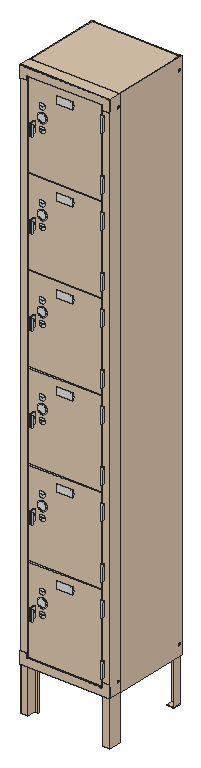
Revit family "Metal_Vented_Lockers-Salsbury_Industries-75000_76000_Series-1_Wide_Units", category Specialty Equipment, Revit 2023 (continued)
Definition of nested family "Metal Locker Legs"
  Forms (in)
    Extrusion 1, solid, material <- "Primary Structure Material", visible <- "Visible"
      sketch origin (0, 0, 0) x (0, -1, 0) y (1, 0, 0)
        loop
          line (7.417, 6.0035) -> (7.417, 5.9435) -> (8.945, 5.9435) -> (8.945, 5.0635) -> (7.76, 5.0635) -> (7.76, 4.5635) -> (7.82, 4.5635) -> (7.82, 5.0035) -> (9.005, 5.0035) -> (9.005, 6.0035) -> (7.417, 6.0035)
      from 0 to 6
    Extrusion 2, solid, material <- "Primary Structure Material", visible <- "Visible"
      sketch origin (0, 0, 0) x (0, -1, 0) y (1, 0, 0)
        loop
          line (7.417, -6.0035) -> (9.005, -6.0035) -> (9.005, -5.0035) -> (7.82, -5.0035) -> (7.82, -4.5635) -> (7.76, -4.5635) -> (7.76, -5.0635) -> (8.945, -5.0635) -> (8.945, -5.9435) -> (7.417, -5.9435) -> (7.417, -6.0035)
      from 0 to 6
    Extrusion 3, solid, material <- "Primary Structure Material", visible <- "Visible"
      sketch origin (0, 0, 0) x (0, -1, 0) y (1, 0, 0)
        loop
          line (-8.895, 5.8835) -> (-8.895, 4.8835) -> (-8.835, 4.8835) -> (-8.835, 5.8235) -> (-7.895, 5.8235) -> (-7.895, 5.8835) -> (-8.895, 5.8835)
      from 0.06 to 6.185
    Extrusion 4, solid, material <- "Primary Structure Material", visible <- "Visible"
      sketch origin (0, 0, 0) x (0, -1, 0) y (1, 0, 0)
        loop
          line (-8.895, 5.8835) -> (-8.895, 4.8835) -> (-7.895, 4.8835) -> (-7.895, 5.8835) -> (-8.895, 5.8835)
      from 0 to 0.06
    Extrusion 5, solid, material <- "Primary Structure Material", visible <- "Visible"
      sketch origin (0, 0, 0) x (0, -1, 0) y (1, 0, 0)
        loop
          line (-8.895, -5.8835) -> (-7.895, -5.8835) -> (-7.895, -5.8235) -> (-8.835, -5.8235) -> (-8.835, -4.8835) -> (-8.895, -4.8835) -> (-8.895, -5.8835)
      from 0.06 to 6.185
    Extrusion 6, solid, material <- "Primary Structure Material", visible <- "Visible"
      sketch origin (0, 0, 0) x (0, -1, 0) y (1, 0, 0)
        loop
          line (-8.895, -5.8835) -> (-7.895, -5.8835) -> (-7.895, -4.8835) -> (-8.895, -4.8835) -> (-8.895, -5.8835)
      from 0 to 0.06
  Dimensions and locks (in)
    equal spacing: plane 6 "Left Side of Unit", plane 3 "Center (Left/Right)", plane 7 "Right Side of Unit"
    "Width": plane 6 "Left Side of Unit" to plane 7 "Right Side of Unit"
    "Height": plane 5 "Bottom of Unit" to plane 4 "Floor"
    equal spacing: plane 9 "Front of Unit", plane 1 "Center (Front/Back)", plane 8 "Back of Unit"
    "Depth": plane 9 "Front of Unit" to plane 8 "Back of Unit"
    plane 12 "Top of back legs" to plane 5 "Bottom of Unit" = 0.185"
    plane 6 "Left Side of Unit" to plane 11 "Left Side of Door Opening" = 1.000"
    plane 10 "Right Side of Door Opening" to plane 7 "Right Side of Unit" = 1.000"
    locked: plane 9 "Front of Unit" to plane 13 "Back Edge of Front Facing" at 1.588
    plane 11 "Left Side of Door Opening" to plane 14 "Inside Edge of Front Leg" = 0.440"
    plane 15 "Inside Edge of Right Leg" to plane 10 "Right Side of Door Opening" = 0.440"
    plane 9 "Front of Unit" to plane 16 = 1.185"
    plane 15 "Inside Edge of Right Leg" to plane 21 "Inside Edge or Rear Right Leg" to plane 10 "Right Side of Door Opening" to plane 18 "Right Edge of Rear Right Leg" to plane 7 "Right Side of Unit" = 0.320", 0.120", 0.880", 0.120"
    plane 6 "Left Side of Unit" to plane 19 "Left Edge or Rear Left Leg" to plane 11 "Left Side of Door Opening" to plane 22 "Inside Edge or Left Rear Leg" to plane 14 "Inside Edge of Front Leg" = 0.120", 0.880", 0.120", 0.320"
    plane 20 to plane 17 "Back Edge of Rear Legs" to plane 8 "Back of Unit" = 1.000", 0.110"
    aligned and locked: level to plane 2
    aligned and locked: Extrusion 3 to Extrusion 4
    aligned and locked: Extrusion 6 to Extrusion 5
    aligned and locked: Extrusion 3 to plane 18 "Right Edge of Rear Right Leg"
    aligned and locked: Extrusion 3 to plane 17 "Back Edge of Rear Legs"
    aligned and locked: Extrusion 5 to plane 19 "Left Edge or Rear Left Leg"
    aligned and locked: Extrusion 5 to plane 17 "Back Edge of Rear Legs"
    aligned and locked: Extrusion 2 to plane 5 "Bottom of Unit"
    aligned and locked: Extrusion 1 to plane 5 "Bottom of Unit"
    aligned and locked: Extrusion 3 to plane 12 "Top of back legs"
    aligned and locked: Extrusion 5 to plane 12 "Top of back legs"
  Automatic sketch dimensions
    plane 13 "Back Edge of Front Facing" to Extrusion 1 sketch curve = 0.000"
    Extrusion 1 sketch curve to plane 15 "Inside Edge of Right Leg" = 0.000"
    plane 16 to Extrusion 1 sketch curve = 0.000"
    Extrusion 1 sketch curve to plane 7 "Right Side of Unit" = 0.000"
    plane 9 "Front of Unit" to Extrusion 1 sketch curve = 0.000"
    Extrusion 1 sketch curve to plane 10 "Right Side of Door Opening" = 0.000"
    Extrusion 1 sketch curve to plane 16 = 0.060"
    Extrusion 1 sketch curve to plane 9 "Front of Unit" = 0.060"
    Extrusion 1 sketch curve to plane 10 "Right Side of Door Opening" = 0.060"
    plane 7 "Right Side of Unit" to Extrusion 1 sketch curve = 0.060"
    plane 13 "Back Edge of Front Facing" to Extrusion 2 sketch curve = 0.000"
    Extrusion 2 sketch curve to plane 14 "Inside Edge of Front Leg" = 0.000"
    plane 16 to Extrusion 2 sketch curve = 0.000"
    Extrusion 2 sketch curve to plane 6 "Left Side of Unit" = 0.000"
    plane 9 "Front of Unit" to Extrusion 2 sketch curve = 0.000"
    Extrusion 2 sketch curve to plane 11 "Left Side of Door Opening" = 0.000"
    plane 16 to Extrusion 2 sketch curve = 0.060"
    plane 9 "Front of Unit" to Extrusion 2 sketch curve = 0.060"
    Extrusion 2 sketch curve to plane 11 "Left Side of Door Opening" = 0.060"
    plane 6 "Left Side of Unit" to Extrusion 2 sketch curve = 0.060"
    plane 17 "Back Edge of Rear Legs" to Extrusion 3 sketch curve = 0.000"
    Extrusion 3 sketch curve to plane 21 "Inside Edge or Rear Right Leg" = 0.000"
    Extrusion 3 sketch curve to plane 18 "Right Edge of Rear Right Leg" = 0.000"
    plane 20 to Extrusion 3 sketch curve = 0.000"
    plane 17 "Back Edge of Rear Legs" to Extrusion 3 sketch curve = 0.060"
    plane 18 "Right Edge of Rear Right Leg" to Extrusion 3 sketch curve = 0.060"
    plane 17 "Back Edge of Rear Legs" to Extrusion 4 sketch curve = 0.000"
    Extrusion 4 sketch curve to plane 18 "Right Edge of Rear Right Leg" = 0.000"
    plane 20 to Extrusion 4 sketch curve = 0.000"
    Extrusion 4 sketch curve to plane 21 "Inside Edge or Rear Right Leg" = 0.000"
    plane 17 "Back Edge of Rear Legs" to Extrusion 5 sketch curve = 0.000"
    Extrusion 5 sketch curve to plane 22 "Inside Edge or Left Rear Leg" = 0.000"
    Extrusion 5 sketch curve to plane 19 "Left Edge or Rear Left Leg" = 0.000"
    plane 20 to Extrusion 5 sketch curve = 0.000"
    Extrusion 5 sketch curve to plane 17 "Back Edge of Rear Legs" = 0.060"
    Extrusion 5 sketch curve to plane 19 "Left Edge or Rear Left Leg" = 0.060"
    plane 17 "Back Edge of Rear Legs" to Extrusion 6 sketch curve = 0.000"
    Extrusion 6 sketch curve to plane 19 "Left Edge or Rear Left Leg" = 0.000"
    plane 20 to Extrusion 6 sketch curve = 0.000"
    Extrusion 6 sketch curve to plane 22 "Inside Edge or Left Rear Leg" = 0.000"
Definition of nested family "Vented Metal Locker Doors-12 inch with Latch Hasps"
  Parameters (values of type "Four Tier Door - 6 foot")
    Width = 9.901"
    Visible = yes
    Vent Array Spacing = 1.187"
    Vent Array 2 = if(Height = 17.360", 10, if(Height = 14.360", 8, if(Height = 11.532", 6, if(Height = 11.463", 6, 0))))  # 10
    Vent Array 1 = Vent Array 2  # 10
    Primary Structure Material = none
    Louver Set Vertical Alignment = 5.710"
    Number Plate Alignment = 0.9375"
    Louver Width = 4.000"
    Hinge 2 Placement = 14.142"
    Hinge 1 Placement = 1.125"
    Height = 17.360"
    Hasp Plate Rivet Material = none
    Hasp Height = 1.438"
    First Vent Placement = 2.875"
    Depth = 0.900"
    Default Elevation = 0.000"
  Types (4): name | Vent Array 2 | Vent Array 1 | Louver Set Vertical Alignment | Hinge 2 Placement | Height | First Vent Placement
    Six Tier Door - 6 foot | 6 | 6 | 2.731" | 8.449" | 11.532" | 2.3925"
    Five Tier Door - 5 foot | 6 | 6 | 2.826" | 8.188" | 11.463" | 2.3925"
    Four Tier Door - 6 foot | 10 | 10 | 5.710" | 14.142" | 17.360" | 2.875"
    Four Tier Door - 5 foot | 8 | 8 | 4.240" | 11.142" | 14.360" | 2.625"
  Reference planes (in)
    plane 1 "Center (Front/Back)": y = 0
    plane 2 "Bottom of Door": z = 0
    plane 3 "Center (Left/Right)": x = 0
    plane 4 "Center (Top/Bottom)": z = 8.68
    plane 5 "Top of Door": z = 17.36
    plane 6 "Right Side of Door": x = 4.9505
    plane 7 "Left Side of Door": x = -4.9505
    plane 8 "Front of Door": y = -0.45
    plane 9 "Back of Door": y = 0.45
    plane 10 "Top of Number Plate": z = 16.4225
    plane 11 "Top of Hasp Alignment": z = 9.399
    plane 12 "Bottom of Hasp Alignment": z = 7.961
    plane 13 "Left Side of Louvers": x = -2
    plane 14 "Right Side of Louvers": x = 2
    plane 15 "Front of Louvers": y = -0.6375
    plane 16: x = -1.094
    plane 17: x = 1.094
    plane 18: z = 15.4225
    plane 19 "Center Hasp": x = -1.7755
    plane 20 "Top of Hinge 2": z = 3.218
    plane 21 "Top of Hinge 1": z = 16.235
    plane 22 "Left Hasp Hole Align": x = -4.263
    plane 23 "Right Hasp Hole Align": x = -4.013
    plane 24 "Center Hasp Stud Align": z = 10.09841
    plane 25 "Top Hasp Stud Align": z = 11.51682
    plane 26 "Vertical Hasp Stud Align": x = -3.076
    plane 27 "Vertical Center Hasp Align": x = -4.13777
    plane 28: z = 2.875
    plane 29: z = 3.46558
    plane 30: z = 4.062
    plane 31: z = 4.65258
  Forms (in)
    Extrusion 1, solid, material <- "Primary Structure Material", visible <- "Visible"
      sketch origin (0, 0, 0) x (1, 0, 0) y (0, 0, 1)
        loop
          line (-4.9505, 17.36) -> (-4.9505, 0) -> (4.9505, 0) -> (4.9505, 17.36) -> (-4.9505, 17.36)
      from -0.45 to 0.45
    Extrusion 2, solid, material <- "Hasp Plate Rivet Material", visible <- "Visible", detail levels medium+fine
      sketch origin (0, -0.45, 0) x (1, 0, 0) y (0, 0, 1)
        loop
          arc (-1.06847, 16.38695) -> (-1.10166, 15.92421) -> (-1.06847, 15.46147) r 3.2426
          arc (-1.06847, 15.46147) -> (0, 15.42272) -> (1.06847, 15.46147) r 14.75
          arc (1.06847, 15.46147) -> (1.10166, 15.92421) -> (1.06847, 16.38695) r 3.2426
          arc (1.06847, 16.38695) -> (0, 16.41487) -> (-1.06847, 16.38695) r 20.45441
      from 0 to 0.03497
    Extrusion 3, void
      sketch origin (-1.7755, -0.13281, 0.04687) x (0, 0, -1) y (0, -1, 0)
        loop
          circle (-8.35677, -0.16411) r 0.2
      from -0.163 to 0.163
    Extrusion 4, solid, material <- "Primary Structure Material", visible <- "Visible", detail levels medium+fine
      sketch origin (0, 0, 16.235) x (0, -1, 0) y (1, 0, 0)
        loop
          line (0.45, 4.9505) -> (0.575, 4.9505)
          arc (0.575, 4.9505) -> (0.7, 5.0755) -> (0.575, 5.2005) r 0.125
          line (0.575, 5.2005) -> (0.45, 5.2005) -> (0.45, 4.9505)
      from 0 to -2
    Extrusion 5, solid, material <- "Primary Structure Material", visible <- "Visible", detail levels medium+fine
      sketch origin (0, 0, 3.218) x (0, -1, 0) y (1, 0, 0)
        loop
          line (0.45, 4.9505) -> (0.575, 4.9505)
          arc (0.575, 4.9505) -> (0.7, 5.0755) -> (0.575, 5.2005) r 0.125
          line (0.575, 5.2005) -> (0.45, 5.2005) -> (0.45, 4.9505)
      from 0 to -2
    Extrusion 6, void
      sketch origin (0, -0.45, 0) x (1, 0, 0) y (0, 0, 1)
        loop
          line (-4.263, 9.399) -> (-4.263, 7.961) -> (-4.013, 7.961) -> (-4.013, 9.399) -> (-4.263, 9.399)
      from -0.9 to 0
    Blend 7, solid, material <- "Hasp Plate Rivet Material", visible <- "Visible", detail levels fine
      base sketch origin (0, -0.45, 0) x (1, 0, 0) y (0, 0, 1)
        loop
          circle (-3.076, 8.68) r 0.375
      top sketch origin (0, -0.45, 0) x (1, 0, 0) y (0, 0, 1)
        loop
          circle (-3.076, 8.68) r 0.09706
      from 0 to 0.03497
    Blend 8, solid, material <- "Hasp Plate Rivet Material", visible <- "Visible", detail levels fine
      base sketch origin (0, -0.45, 2.83682) x (1, 0, 0) y (0, 0, 1)
        loop
          circle (-3.076, 8.68) r 0.375
      top sketch origin (0, -0.45, 2.83682) x (1, 0, 0) y (0, 0, 1)
        loop
          circle (-3.076, 8.68) r 0.09706
      from 0 to 0.03497
    Blend 9, solid, material <- "Hasp Plate Rivet Material", visible <- "Visible", detail levels fine
      base sketch origin (0, -0.45, -0.16841) x (1, 0, 0) y (0, 0, 1)
        loop
          circle (-3.076, 10.26682) r 0.625
      top sketch origin (0, -0.45, -0.16841) x (1, 0, 0) y (0, 0, 1)
        loop
          circle (-3.076, 10.26682) r 0.58088
      from 0 to 0.03497
    Extrusion 10, solid, material <- "Hasp Plate Rivet Material", visible <- "Visible", detail levels fine
      sketch origin (0, 0, 7.961) x (0, -1, 0) y (1, 0, 0)
        loop
          line (-0.45, -4.07527) -> (-0.45, -4.13777) -> (1.2, -4.13777)
          arc (1.2, -4.13777) -> (1.24419, -4.11946) -> (1.2625, -4.07527) r 0.0625
          line (1.2625, -4.07527) -> (1.2625, -3.76277) -> (1.20579, -3.76277) -> (1.20579, -4.0127)
          arc (1.20579, -4.0127) -> (1.18746, -4.05694) -> (1.14322, -4.07527) r 0.06257
          line (1.14322, -4.07527) -> (-0.45, -4.07527)
      from 0 to 1.438
    Extrusion 11, solid, material <- "Hasp Plate Rivet Material", visible <- "Visible", detail levels fine
      sketch origin (0, 0, 7.961) x (0, -1, 0) y (1, 0, 0)
        loop
          line (-0.45, -4.20027) -> (1.2625, -4.20027) -> (1.2625, -4.13777) -> (-0.45, -4.13777) -> (-0.45, -4.20027)
      from 0 to 1.438
    Extrusion 12, void
      sketch origin (-4.013, 0, 0) x (0, 0, -1) y (0, -1, 0)
        loop
          circle (-8.68, 0.82219) r 0.375
      from 0 to 0.25
  Cuts and joins
    Extrusion 3, Extrusion 6 cuts Extrusion 1
    Extrusion 12 cuts Extrusion 10
    Extrusion 12 cuts Extrusion 11
  Lines and regions (in)
    symbolic lines
      curve 1: line (-4.20027, -0.44719, 7.961) -> (-4.20027, -1.2625, 7.961)
      curve 2: line (-4.20027, -1.2625, 7.961) -> (-4.13777, -1.2625, 7.961)
      curve 3: line (-4.13777, -1.2625, 7.961) -> (-4.13777, -0.45, 7.961)
      curve 4: line (-4.07527, -0.44719, 7.961) -> (-4.07527, -1.14322, 7.961)
      curve 5: line (-4.0127, -1.20579, 7.961) -> (-3.76277, -1.20579, 7.961)
      curve 6: line (-3.76277, -1.20579, 7.961) -> (-3.76277, -1.2625, 7.961)
      curve 7: line (-3.76277, -1.2625, 7.961) -> (-4.07527, -1.2625, 7.961)
      curve 8: arc (-4.07527, -1.14322, 7.961) -> (-4.05694, -1.18746, 7.961) -> (-4.0127, -1.20579, 7.961) r 0.06257
      curve 9: arc (-4.07527, -1.2625, 7.961) -> (-4.11946, -1.24419, 7.961) -> (-4.13777, -1.2, 7.961) r 0.0625
      curve 10: line (-4.013, -0.45, 9.40058) -> (-4.013, -1.26256, 9.40058)
      curve 11: line (-4.013, -1.26256, 9.40058) -> (-4.013, -1.26256, 7.9612)
      curve 12: line (-4.013, -1.26256, 7.9612) -> (-4.013, -0.45309, 7.9612)
      curve 13: line (-4.263, -0.45, 9.399) -> (-4.20027, -0.45, 9.399)
      curve 14: line (-4.263, -0.45, 7.961) -> (-4.263, -0.45, 9.399)
      curve 15: line (-4.20027, -0.45, 7.961) -> (-4.263, -0.45, 7.961)
      curve 16: line (-4.20027, -0.45, 9.399) -> (-4.20027, -0.45, 7.961)
      curve 17: line (-4.20027, -0.45, 9.399) -> (-3.76277, -0.45, 9.399)
      curve 18: line (-4.20027, -0.45, 7.961) -> (-3.76277, -0.45, 7.961)
      curve 19: line (-3.76277, -0.45, 9.399) -> (-3.76277, -0.45, 7.961)
      curve 20: circle (-3.076, -0.45, 11.51682) r 0.371 normal (0, -1, 0)
      curve 21: circle (-3.076, -0.45, 8.68) r 0.375 normal (0, -1, 0)
      curve 22: circle (-3.076, -0.45, 10.09841) r 0.62368 normal (0, -1, 0)
      curve 23: line (-4.9505, -0.45, 17.36) -> (4.9505, -0.45, 17.36)
      curve 24: line (-4.9505, -0.45, 0) -> (-4.9505, -0.45, 17.36)
      curve 25: line (4.9505, -0.45, 0) -> (-4.9505, -0.45, 0)
      curve 26: line (4.9505, -0.45, 17.36) -> (4.9505, -0.45, 0)
  Dimensions and locks (in)
    equal spacing: plane 5 "Top of Door", plane 4 "Center (Top/Bottom)", plane 2 "Bottom of Door"
    "Height": plane 5 "Top of Door" to plane 2 "Bottom of Door"
    equal spacing: plane 8 "Front of Door", plane 1 "Center (Front/Back)", plane 9 "Back of Door"
    "Depth": plane 8 "Front of Door" to plane 9 "Back of Door"
    equal spacing: plane 7 "Left Side of Door", plane 3 "Center (Left/Right)", plane 6 "Right Side of Door"
    "Width": plane 7 "Left Side of Door" to plane 6 "Right Side of Door"
    "Number Plate Alignment": plane 5 "Top of Door" to plane 10 "Top of Number Plate" to plane 18
    equal spacing: plane 13 "Left Side of Louvers", plane 3 "Center (Left/Right)", plane 14 "Right Side of Louvers"
    "Louver Width": plane 13 "Left Side of Louvers" to plane 14 "Right Side of Louvers"
    plane 25 "Top Hasp Stud Align" to plane 24 "Center Hasp Stud Align" to plane 11 "Top of Hasp Alignment" to plane 4 "Center (Top/Bottom)" to plane 12 "Bottom of Hasp Alignment" = 1.41841", 0.69941", 0.719", 0.719"
    "Hasp Height": plane 11 "Top of Hasp Alignment" to plane 12 "Bottom of Hasp Alignment"
    locked: plane 15 "Front of Louvers" to plane 8 "Front of Door" at 0.1875
    plane 16 to plane 3 "Center (Left/Right)" to plane 17 = 1.094" locked, 1.094" locked
    "Hinge 1 Placement": plane 5 "Top of Door" to plane 21 "Top of Hinge 1"
    "Hinge 2 Placement": plane 5 "Top of Door" to plane 20 "Top of Hinge 2"
    plane 7 "Left Side of Door" to plane 22 "Left Hasp Hole Align" to plane 23 "Right Hasp Hole Align" to plane 26 "Vertical Hasp Stud Align" = 0.6875" locked, 0.250" locked, 0.937" locked
    equal spacing: group 1, group 2, group 3, group 4, group 5, group 6, group 13, group 14, group 15, group 16  (x3)
    equal spacing: group 7, group 8, group 9, group 10, group 11, group 12, group 17, group 18, group 19, group 20  (x3)
    "Vent Array Spacing": plane 30 to plane 28
    "First Vent Placement": plane 28 to plane 2 "Bottom of Door"
    "Vent Array Spacing": plane 31 to plane 29
    locked: plane 29 to plane 28 at 0.59058
    aligned and locked: level to plane 2 "Bottom of Door"
    aligned and locked: plane 5 "Top of Door" to Extrusion 1 sketch curve
    aligned and locked: Extrusion 1 sketch curve to plane 7 "Left Side of Door"
    aligned and locked: plane 2 "Bottom of Door" to Extrusion 1 sketch curve
    aligned and locked: plane 6 "Right Side of Door" to Extrusion 1 sketch curve
    aligned and locked: plane 11 "Top of Hasp Alignment" to Extrusion 6 sketch curve
    aligned and locked: Extrusion 6 sketch curve to plane 22 "Left Hasp Hole Align"
    aligned and locked: Extrusion 6 sketch curve to plane 12 "Bottom of Hasp Alignment"
    aligned and locked: plane 23 "Right Hasp Hole Align" to Extrusion 6 sketch curve
    aligned and locked: plane 25 "Top Hasp Stud Align" to Blend 8 sketch curve  (x2)
    aligned and locked: plane 4 "Center (Top/Bottom)" to Blend 7 sketch curve  (x2)
    aligned and locked: plane 24 "Center Hasp Stud Align" to Blend 9 sketch curve  (x2)
    aligned and locked: plane 27 "Vertical Center Hasp Align" to Extrusion 11 sketch curve
    aligned and locked: plane 27 "Vertical Center Hasp Align" to Extrusion 10 sketch curve
    aligned and locked: plane 4 "Center (Top/Bottom)" to Extrusion 12 sketch curve
    aligned and locked: plane 3 "Center (Left/Right)" to nested 1
    aligned and locked: plane 28 to nested 2
    aligned and locked: plane 29 to nested 1
    aligned and locked: plane 30 to nested 3
    aligned and locked: plane 31 to nested 8
    aligned and locked: curve 1 to cut or joined group of Extrusion 11, Extrusion 12
    aligned and locked: curve 2 to cut or joined group of Extrusion 11, Extrusion 12
    aligned and locked: curve 3 to cut or joined group of Extrusion 11, Extrusion 12
    aligned and locked: cut or joined group of Extrusion 10, Extrusion 12 to curve 4
    aligned and locked: curve 5 to cut or joined group of Extrusion 10, Extrusion 12
    aligned and locked: curve 6 to cut or joined group of Extrusion 10, Extrusion 12
    aligned and locked: curve 7 to cut or joined group of Extrusion 10, Extrusion 12
    aligned and locked: curve 10 to nested 12  (x2)
    aligned and locked: curve 13 to cut or joined group of Extrusion 1, Extrusion 3, Extrusion 6
    aligned and locked: curve 14 to cut or joined group of Extrusion 1, Extrusion 3, Extrusion 6
    aligned and locked: cut or joined group of Extrusion 11, Extrusion 12 to curve 15
    aligned and locked: curve 16 to cut or joined group of Extrusion 11, Extrusion 12
    aligned and locked: curve 13 to curve 17
    aligned and locked: curve 19 to cut or joined group of Extrusion 10, Extrusion 12
    aligned and locked: curve 23 to cut or joined group of Extrusion 1, Extrusion 3, Extrusion 6
    aligned and locked: curve 25 to cut or joined group of Extrusion 1, Extrusion 3, Extrusion 6
    aligned and locked: curve 26 to cut or joined group of Extrusion 1, Extrusion 3, Extrusion 6
  Automatic sketch dimensions
    Extrusion 2 sketch curve to plane 3 "Center (Left/Right)" = 0.000"  (x2)
    plane 13 "Left Side of Louvers" to Extrusion 2 sketch curve = 0.14094"
    Extrusion 2 sketch curve to plane 14 "Right Side of Louvers" = 0.14094"
    Extrusion 2 sketch curve to level = 4.03954"
    plane 21 "Top of Hinge 1" to Extrusion 2 sketch curve = 0.31079"  (x2)
    Extrusion 2 sketch curve to plane 5 "Top of Door" = 12.81272"
    Extrusion 2 sketch curve to plane 16 = 0.02553"  (x2)
    plane 17 to Extrusion 2 sketch curve = 0.02553"
    Extrusion 2 sketch curve to plane 18 = 0.03897"
    Extrusion 3 sketch curve to plane 1 "Center (Front/Back)" = 0.0313"
    Extrusion 4 sketch curve to plane 6 "Right Side of Door" = 0.000"
    plane 8 "Front of Door" to Extrusion 4 sketch curve = 0.000"
    Extrusion 4 sketch curve to plane 15 "Front of Louvers" = 0.0625"
    Extrusion 4 sketch curve to plane 6 "Right Side of Door" = 0.125"
    Extrusion 5 sketch curve to plane 6 "Right Side of Door" = 0.000"
    plane 8 "Front of Door" to Extrusion 5 sketch curve = 0.000"
    Extrusion 5 sketch curve to plane 15 "Front of Louvers" = 0.0625"
    Extrusion 5 sketch curve to plane 6 "Right Side of Door" = 0.125"
    plane 26 "Vertical Hasp Stud Align" to Blend 7 sketch curve = 0.000"  (x2)
    plane 26 "Vertical Hasp Stud Align" to Blend 8 sketch curve = 0.000"  (x2)
    plane 26 "Vertical Hasp Stud Align" to Blend 9 sketch curve = 0.000"  (x2)
    Extrusion 10 sketch curve to plane 1 "Center (Front/Back)" = 0.450"
    plane 23 "Right Hasp Hole Align" to Extrusion 10 sketch curve = 0.06227"
    Extrusion 10 sketch curve to plane 23 "Right Hasp Hole Align" = 0.0003"
    plane 15 "Front of Louvers" to Extrusion 10 sketch curve = 0.50572"
    Extrusion 10 sketch curve to Extrusion 10 sketch curve = 0.05678"
    Extrusion 10 sketch curve to Extrusion 10 sketch curve = 0.24993"
    plane 9 "Back of Door" to Extrusion 11 sketch curve = 0.000"
    plane 15 "Front of Louvers" to Extrusion 11 sketch curve = 0.625"
    Extrusion 11 sketch curve to plane 22 "Left Hasp Hole Align" = 0.06273"
    Extrusion 10 sketch curve to Extrusion 10 sketch curve = 0.06257"
    plane 15 "Front of Louvers" to Extrusion 12 sketch curve = 0.18469"
    plane 4 "Center (Top/Bottom)" to Extrusion 3 sketch curve = 0.27635"
    plane 8 "Front of Door" to curve 3 = 0.000"
    curve 8 to plane 23 "Right Hasp Hole Align" = 0.0003"
    curve 9 to curve 4 = 0.000"
    curve 1 to plane 8 "Front of Door" = 0.00281"
    curve 4 to plane 8 "Front of Door" = 0.00281"
    plane 15 "Front of Louvers" to curve 11 = 0.62506"
    curve 12 to plane 12 "Bottom of Hasp Alignment" = 0.0002"
    plane 8 "Front of Door" to curve 12 = 0.00309"
    plane 7 "Left Side of Door" to curve 24 = 0.000"
    curve 22 to plane 24 "Center Hasp Stud Align" = 0.000"
    plane 26 "Vertical Hasp Stud Align" to curve 22 = 0.000"
    curve 21 to plane 4 "Center (Top/Bottom)" = 0.000"
    plane 26 "Vertical Hasp Stud Align" to curve 21 = 0.000"
    curve 20 to plane 25 "Top Hasp Stud Align" = 0.000"
    plane 26 "Vertical Hasp Stud Align" to curve 20 = 0.000"
    radius of Extrusion 3 sketch curve = 0.200"
    radius of Blend 7 sketch curve = 0.375"
    radius of Blend 7 sketch curve = 0.09706"
    radius of Blend 8 sketch curve = 0.375"
    radius of Blend 8 sketch curve = 0.09706"
    radius of Blend 9 sketch curve = 0.625"
    radius of Blend 9 sketch curve = 0.58088"
    radius of Extrusion 12 sketch curve = 0.375"
    radius of curve 20 = 0.371"
    radius of curve 21 = 0.375"
    radius of curve 22 = 0.62368"
  Nested families (in)
    nested 1: "Vents - Horizontal 3" at (0, -0.45, -61.80738), type "Vents - Horizontal 3"
    nested 2: "Vents - Horizontal 2" at (2.6043, -0.45, -60.66388), type "Vents - Horizontal 2"
    nested 3: "Vents - Horizontal 2" at (2.6043, -0.45, -59.47688), type "Vents - Horizontal 2"
    nested 4: "Vents - Horizontal 2" at (2.6043, -0.45, -58.28988), type "Vents - Horizontal 2"
    nested 5: "Vents - Horizontal 2" at (2.6043, -0.45, -57.10288), type "Vents - Horizontal 2"
    nested 6: "Vents - Horizontal 2" at (2.6043, -0.45, -55.91588), type "Vents - Horizontal 2"
    nested 7: "Vents - Horizontal 2" at (2.6043, -0.45, -54.72888), type "Vents - Horizontal 2"
    nested 8: "Vents - Horizontal 3" at (0, -0.45, -60.62038), type "Vents - Horizontal 3"
    nested 9: "Vents - Horizontal 3" at (0, -0.45, -59.43338), type "Vents - Horizontal 3"
    nested 10: "Vents - Horizontal 3" at (0, -0.45, -58.24638), type "Vents - Horizontal 3"
    nested 11: "Vents - Horizontal 3" at (0, -0.45, -57.05938), type "Vents - Horizontal 3"
    nested 12: "Vents - Horizontal 3" at (0, -0.45, -55.87238), type "Vents - Horizontal 3"
    nested 13: "Vents - Horizontal 2" at (2.6043, -0.45, -53.54188), type "Vents - Horizontal 2"
    nested 14: "Vents - Horizontal 2" at (2.6043, -0.45, -52.35488), type "Vents - Horizontal 2"
    nested 15: "Vents - Horizontal 2" at (2.6043, -0.45, -51.16788), type "Vents - Horizontal 2"
    nested 16: "Vents - Horizontal 2" at (2.6043, -0.45, -49.98088), type "Vents - Horizontal 2"
    nested 17: "Vents - Horizontal 3" at (0, -0.45, -54.68538), type "Vents - Horizontal 3"
    nested 18: "Vents - Horizontal 3" at (0, -0.45, -53.49838), type "Vents - Horizontal 3"
    nested 19: "Vents - Horizontal 3" at (0, -0.45, -52.31138), type "Vents - Horizontal 3"
    nested 20: "Vents - Horizontal 3" at (0, -0.45, -51.12438), type "Vents - Horizontal 3"
  Definition of nested family "Vents - Horizontal 3"
    Parameters (values of type "Vents - Horizontal 3")
      Default Elevation = 0.000"
    Reference planes (in)
      plane 1 "Center (Front/Back)": y = 0
      plane 2: z = 0
      plane 3 "Center (Left/Right)": x = 0
    Lines and regions (in)
      model lines
        curve 1: spline (1.08625, 0, 65.3981) -> (1.05712, 0, 65.3804) -> (1.03269, 0, 65.36106) -> (1.01334, 0, 65.34039) -> (0.99936, 0, 65.31871) -> (0.99096, 0, 65.29635) -> (0.98829, 0, 65.27365) -> (0.99137, 0, 65.25097) -> (1.00016, 0, 65.22864) -> (1.01452, 0, 65.20702) -> (1.03424, 0, 65.18644) -> (1.05902, 0, 65.16721) -> (1.08846, 0, 65.14963)
        curve 2: line (1.08625, 0, 65.3981) -> (1.73835, 0, 65.64972)
        curve 3: line (1.08846, 0, 65.14963) -> (1.73762, 0, 64.89923)
        curve 4: spline (2.39008, 0, 65.39825) -> (2.41937, 0, 65.38053) -> (2.44394, 0, 65.36117) -> (2.46341, 0, 65.34048) -> (2.47747, 0, 65.31876) -> (2.48591, 0, 65.29637) -> (2.4886, 0, 65.27363) -> (2.4855, 0, 65.25091) -> (2.47665, 0, 65.22855) -> (2.46219, 0, 65.2069) -> (2.44234, 0, 65.18629) -> (2.41742, 0, 65.16704) -> (2.3878, 0, 65.14945)
        curve 5: line (2.39008, 0, 65.39825) -> (1.73835, 0, 65.64972)
        curve 6: line (2.3878, 0, 65.14945) -> (1.73762, 0, 64.89923)
        curve 13: spline (-0.65075, 0, 65.3981) -> (-0.67988, 0, 65.3804) -> (-0.70431, 0, 65.36106) -> (-0.72366, 0, 65.34039) -> (-0.73764, 0, 65.31871) -> (-0.74604, 0, 65.29635) -> (-0.74871, 0, 65.27365) -> (-0.74563, 0, 65.25097) -> (-0.73684, 0, 65.22864) -> (-0.72248, 0, 65.20702) -> (-0.70276, 0, 65.18644) -> (-0.67798, 0, 65.16721) -> (-0.64854, 0, 65.14963)
        curve 14: line (-0.65075, 0, 65.3981) -> (0.00135, 0, 65.64972)
        curve 15: line (-0.64854, 0, 65.14963) -> (0.00062, 0, 64.89923)
        curve 16: spline (0.65308, 0, 65.39825) -> (0.68237, 0, 65.38053) -> (0.70694, 0, 65.36117) -> (0.72641, 0, 65.34048) -> (0.74047, 0, 65.31876) -> (0.74891, 0, 65.29637) -> (0.7516, 0, 65.27363) -> (0.7485, 0, 65.25091) -> (0.73965, 0, 65.22855) -> (0.72519, 0, 65.2069) -> (0.70534, 0, 65.18629) -> (0.68042, 0, 65.16704) -> (0.6508, 0, 65.14945)
        curve 17: line (0.65308, 0, 65.39825) -> (0.00135, 0, 65.64972)
        curve 18: line (0.6508, 0, 65.14945) -> (0.00062, 0, 64.89923)
        curve 19: spline (-2.38775, 0, 65.3981) -> (-2.41688, 0, 65.3804) -> (-2.44131, 0, 65.36106) -> (-2.46066, 0, 65.34039) -> (-2.47464, 0, 65.31871) -> (-2.48304, 0, 65.29635) -> (-2.48571, 0, 65.27365) -> (-2.48263, 0, 65.25097) -> (-2.47384, 0, 65.22864) -> (-2.45948, 0, 65.20702) -> (-2.43976, 0, 65.18644) -> (-2.41498, 0, 65.16721) -> (-2.38554, 0, 65.14963)
        curve 20: line (-2.38775, 0, 65.3981) -> (-1.73565, 0, 65.64972)
        curve 21: line (-2.38554, 0, 65.14963) -> (-1.73638, 0, 64.89923)
        curve 22: spline (-1.08392, 0, 65.39825) -> (-1.05463, 0, 65.38053) -> (-1.03006, 0, 65.36117) -> (-1.01059, 0, 65.34048) -> (-0.99653, 0, 65.31876) -> (-0.98809, 0, 65.29637) -> (-0.9854, 0, 65.27363) -> (-0.9885, 0, 65.25091) -> (-0.99735, 0, 65.22855) -> (-1.01181, 0, 65.2069) -> (-1.03166, 0, 65.18629) -> (-1.05658, 0, 65.16704) -> (-1.0862, 0, 65.14945)
        curve 23: line (-1.08392, 0, 65.39825) -> (-1.73565, 0, 65.64972)
        curve 24: line (-1.0862, 0, 65.14945) -> (-1.73638, 0, 64.89923)
      model lines, not visible
        curve 7: spline (6.02, -6.45464, 72.16015) -> (6.02, -6.43694, 72.13102) -> (6.02, -6.4176, 72.10659) -> (6.02, -6.39694, 72.08724) -> (6.02, -6.37525, 72.07326) -> (6.02, -6.35289, 72.06486) -> (6.02, -6.33019, 72.06219) -> (6.02, -6.30751, 72.06527) -> (6.02, -6.28518, 72.07406) -> (6.02, -6.26356, 72.08842) -> (6.02, -6.24298, 72.10814) -> (6.02, -6.22375, 72.13292) -> (6.02, -6.20617, 72.16236)
        curve 8: line (6.02, -6.45464, 72.16015) -> (6.02, -6.70626, 72.81225)
        curve 9: line (6.02, -6.20617, 72.16236) -> (6.02, -5.95577, 72.81152)
        curve 10: spline (6.02, -6.45479, 73.46398) -> (6.02, -6.43707, 73.49327) -> (6.02, -6.41771, 73.51784) -> (6.02, -6.39702, 73.53731) -> (6.02, -6.3753, 73.55137) -> (6.02, -6.35291, 73.55981) -> (6.02, -6.33017, 73.5625) -> (6.02, -6.30745, 73.5594) -> (6.02, -6.28509, 73.55055) -> (6.02, -6.26344, 73.53609) -> (6.02, -6.24283, 73.51624) -> (6.02, -6.22359, 73.49132) -> (6.02, -6.20599, 73.4617)
        curve 11: line (6.02, -6.45479, 73.46398) -> (6.02, -6.70626, 72.81225)
        curve 12: line (6.02, -6.20599, 73.4617) -> (6.02, -5.95577, 72.81152)
      reference lines
        curve 25: line (-2.54644, 0, 65.27296) -> (2.54933, 0, 65.27296)
    Dimensions and locks (in)
      equal spacing: group 4, group 3, group 2  (x2)
      equal spacing: group 2, group 3, group 4
      aligned and locked: level to plane 2
  Definition of nested family "Vents - Horizontal 2"
    Parameters (values of type "Vents - Horizontal 2")
      Default Elevation = 0.000"
    Reference planes (in)
      plane 1 "Center (Front/Back)": y = 0
      plane 2: z = 0
      plane 3 "Center (Left/Right)": x = 0
    Lines and regions (in)
      model lines
        curve 1: spline (-2.82036, 0, 63.41385) -> (-2.79123, 0, 63.43156) -> (-2.7668, 0, 63.45089) -> (-2.74745, 0, 63.47156) -> (-2.73347, 0, 63.49324) -> (-2.72507, 0, 63.5156) -> (-2.72239, 0, 63.5383) -> (-2.72547, 0, 63.56099) -> (-2.73427, 0, 63.58331) -> (-2.74863, 0, 63.60493) -> (-2.76835, 0, 63.62552) -> (-2.79312, 0, 63.64475) -> (-2.82257, 0, 63.66233)
        curve 2: line (-2.82036, 0, 63.41385) -> (-3.47246, 0, 63.16223)
        curve 3: line (-2.82257, 0, 63.66233) -> (-3.47173, 0, 63.91272)
        curve 4: spline (-4.12419, 0, 63.41371) -> (-4.15348, 0, 63.43143) -> (-4.17805, 0, 63.45078) -> (-4.19752, 0, 63.47148) -> (-4.21158, 0, 63.49319) -> (-4.22002, 0, 63.51559) -> (-4.22271, 0, 63.53832) -> (-4.21961, 0, 63.56104) -> (-4.21076, 0, 63.5834) -> (-4.1963, 0, 63.60505) -> (-4.17645, 0, 63.62566) -> (-4.15153, 0, 63.64491) -> (-4.12191, 0, 63.6625)
        curve 5: line (-4.12419, 0, 63.41371) -> (-3.47246, 0, 63.16223)
        curve 6: line (-4.12191, 0, 63.6625) -> (-3.47173, 0, 63.91272)
        curve 13: spline (-1.08336, 0, 63.41385) -> (-1.05423, 0, 63.43156) -> (-1.0298, 0, 63.45089) -> (-1.01045, 0, 63.47156) -> (-0.99647, 0, 63.49324) -> (-0.98807, 0, 63.5156) -> (-0.98539, 0, 63.5383) -> (-0.98847, 0, 63.56099) -> (-0.99727, 0, 63.58331) -> (-1.01163, 0, 63.60493) -> (-1.03135, 0, 63.62552) -> (-1.05612, 0, 63.64475) -> (-1.08557, 0, 63.66233)
        curve 14: line (-1.08336, 0, 63.41385) -> (-1.73546, 0, 63.16223)
        curve 15: line (-1.08557, 0, 63.66233) -> (-1.73473, 0, 63.91272)
        curve 16: spline (-2.38719, 0, 63.41371) -> (-2.41648, 0, 63.43143) -> (-2.44105, 0, 63.45078) -> (-2.46052, 0, 63.47148) -> (-2.47458, 0, 63.49319) -> (-2.48302, 0, 63.51559) -> (-2.48571, 0, 63.53832) -> (-2.48261, 0, 63.56104) -> (-2.47376, 0, 63.5834) -> (-2.4593, 0, 63.60505) -> (-2.43945, 0, 63.62566) -> (-2.41453, 0, 63.64491) -> (-2.38491, 0, 63.6625)
        curve 17: line (-2.38719, 0, 63.41371) -> (-1.73546, 0, 63.16223)
        curve 18: line (-2.38491, 0, 63.6625) -> (-1.73473, 0, 63.91272)
      model lines, not visible
        curve 7: spline (6.02, -6.45464, 72.16015) -> (6.02, -6.43694, 72.13102) -> (6.02, -6.4176, 72.10659) -> (6.02, -6.39694, 72.08724) -> (6.02, -6.37525, 72.07326) -> (6.02, -6.35289, 72.06486) -> (6.02, -6.33019, 72.06219) -> (6.02, -6.30751, 72.06527) -> (6.02, -6.28518, 72.07406) -> (6.02, -6.26356, 72.08842) -> (6.02, -6.24298, 72.10814) -> (6.02, -6.22375, 72.13292) -> (6.02, -6.20617, 72.16236)
        curve 8: line (6.02, -6.45464, 72.16015) -> (6.02, -6.70626, 72.81225)
        curve 9: line (6.02, -6.20617, 72.16236) -> (6.02, -5.95577, 72.81152)
        curve 10: spline (6.02, -6.45479, 73.46398) -> (6.02, -6.43707, 73.49327) -> (6.02, -6.41771, 73.51784) -> (6.02, -6.39702, 73.53731) -> (6.02, -6.3753, 73.55137) -> (6.02, -6.35291, 73.55981) -> (6.02, -6.33017, 73.5625) -> (6.02, -6.30745, 73.5594) -> (6.02, -6.28509, 73.55055) -> (6.02, -6.26344, 73.53609) -> (6.02, -6.24283, 73.51624) -> (6.02, -6.22359, 73.49132) -> (6.02, -6.20599, 73.4617)
        curve 11: line (6.02, -6.45479, 73.46398) -> (6.02, -6.70626, 72.81225)
        curve 12: line (6.02, -6.20599, 73.4617) -> (6.02, -5.95577, 72.81152)
      reference lines
        curve 19: line (-4.25866, 0, 63.53888) -> (-0.94723, 0, 63.53888)
    Dimensions and locks (in)
      group 2 to group 3 = 1.737"
      group 2 to group 3 = 0.000"  (x2)
      aligned and locked: level to plane 2
Definition of nested family "Metal Locker Front Base"
  Parameters (values of type "77742 - for 12" W Lockers with Legs")
    Width = 10.040"
    Visible [instance] = yes
    Version = "1.0 (11/30/15)"
    Type Comments = "Front Base for Standard Metal Lockers"
    Primary Structure Material = none
    Model = "77742"
    MasterFormat Title = ""
    MasterFormat Number = ""
    Manufacturer = "Salsbury Industries"
    Description = "Front Base for 12\" Wide Lockers"
    Depth = 1.185"
    Height = 6.000"
    Default Elevation = 0.000"
    Assembly Code = ""
  Types (3): name | Width | Visible | Model | Description
    77742 - for 12" W Lockers with Legs | 10.040" | yes | "77742" | "Front Base for 12\" Wide Lockers"
    77745 - for 15" W Lockers with Legs | 13.040" | yes | "77745" | "Front Base for 15\" Wide Lockers"
    None | 10.040" | no | "77742" | "Front Base for 12\" Wide Lockers"
  Reference planes (in)
    plane 1 "Center (Front/Back)": y = -5.417
    plane 2: z = 0
    plane 3 "Center (Left/Right)": x = 0
    plane 4 "Floor": z = 0
    plane 5 "Top of Enclosure": z = 6
    plane 6 "Front of Enclosure": y = -6.005
    plane 7 "Right Side of Enclosure": x = 5.02
    plane 8 "Left Side of Enclosure": x = -5.02
    plane 9 "Back of Enclosure": y = -4.82
  Forms (in)
    Extrusion 1, solid, material <- "Primary Structure Material", visible <- "Visible"
      sketch origin (0, -6.005, 0) x (1, 0, 0) y (0, 0, 1)
        loop
          line (-5.02, 6) -> (-5.02, 0) -> (5.02, 0) -> (5.02, 6) -> (-5.02, 6)
      from -0.06 to 0
    Extrusion 2, solid, material <- "Primary Structure Material", visible <- "Visible"
      sketch origin (0, 0, 0) x (0, 1, 0) y (0, 0, 1)
        loop
          line (-5.945, 6) -> (-5.945, 5.94) -> (-4.82, 5.94) -> (-4.82, 6) -> (-5.945, 6)
      from -5.02 to 5.02
    Extrusion 3, solid, material <- "Primary Structure Material", visible <- "Visible"
      sketch origin (5.02, 0, 0) x (0, 0, -1) y (0, -1, 0)
        loop
          line (-5.75, 5.945) -> (-5.75, 4.82) -> (-0.25, 4.82) -> (-0.25, 5.945) -> (-5.75, 5.945)
      from 0 to 0.06
    Extrusion 4, solid, material <- "Primary Structure Material", visible <- "Visible"
      sketch origin (-5.02, 0, 0) x (0, 0, -1) y (0, -1, 0)
        loop
          line (-5.75, 5.945) -> (-5.75, 4.82) -> (-0.25, 4.82) -> (-0.25, 5.945) -> (-5.75, 5.945)
      from 0 to -0.06
  Dimensions and locks (in)
    "Height": plane 5 "Top of Enclosure" to plane 4 "Floor"
    plane 6 "Front of Enclosure" to plane 1 "Center (Front/Back)" = 0.588"
    "Depth": plane 6 "Front of Enclosure" to plane 9 "Back of Enclosure"
    equal spacing: plane 8 "Left Side of Enclosure", plane 3 "Center (Left/Right)", plane 7 "Right Side of Enclosure"
    "Width": plane 8 "Left Side of Enclosure" to plane 7 "Right Side of Enclosure"
    aligned and locked: level to plane 2
    aligned and locked: plane 8 "Left Side of Enclosure" to Extrusion 2
    aligned and locked: Extrusion 2 to plane 7 "Right Side of Enclosure"
    aligned and locked: Extrusion 1 to plane 7 "Right Side of Enclosure"
  Automatic sketch dimensions
    Extrusion 1 sketch curve to Extrusion 1 sketch curve = 10.040"
    Extrusion 1 sketch curve to Extrusion 1 sketch curve = 6.000"
    Extrusion 2 sketch curve to Extrusion 2 sketch curve = 1.125"
    Extrusion 2 sketch curve to Extrusion 2 sketch curve = 0.060"
    Extrusion 3 sketch curve to Extrusion 3 sketch curve = 5.500"
    Extrusion 3 sketch curve to Extrusion 3 sketch curve = 1.125"
    Extrusion 4 sketch curve to Extrusion 4 sketch curve = 5.500"
    Extrusion 4 sketch curve to Extrusion 4 sketch curve = 1.125"
    Extrusion 1 sketch curve to level = 0.000"
    plane 8 "Left Side of Enclosure" to Extrusion 1 sketch curve = 0.000"
    plane 5 "Top of Enclosure" to Extrusion 2 sketch curve = 0.000"
    Extrusion 2 sketch curve to plane 9 "Back of Enclosure" = 0.000"
    Extrusion 3 sketch curve to plane 9 "Back of Enclosure" = 0.000"
    plane 5 "Top of Enclosure" to Extrusion 3 sketch curve = 0.250"
    Extrusion 4 sketch curve to plane 9 "Back of Enclosure" = 0.000"
    plane 5 "Top of Enclosure" to Extrusion 4 sketch curve = 0.250"
Definition of nested family "Metal Locker Right Side Base"
  Parameters (values of type "77732 Right - for 12" D Lockers with Legs")
    Width including Rivet [instance] = 1.290"
    Visible = yes
    Primary Structure Material = none
    Depth = 10.422"
    Version = "1.0 (11/30/15)"
    Type Comments = "End Base for Standard Metal Lockers"
    Model = "77732"
    MasterFormat Title = ""
    MasterFormat Number = ""
    Manufacturer = "Salsbury Industries"
    Description = "1.25\"W x 6\" H x 10\"D"
    Width = 1.250"
    Height = 6.000"
    Default Elevation = 0.000"
    Assembly Code = ""
  Types (4): name | Visible | Depth | Model | Description
    77732 Right - for 12" D Lockers with Legs | yes | 10.422" | "77732" | "1.25\"W x 6\" H x 10\"D"
    77735 Right - for 15" D Lockers with Legs | yes | 13.422" | "77735" | "1.25\"W x 6\" H x 13\"D"
    77738 Right - for 18" D Lockers with Legs | yes | 16.422" | "77738" | "1.25\"W x 6\" H x 16\"D"
    None | no | 10.422" | "" | ""
  Reference planes (in)
    plane 1 "Center (Front/Back)": y = 0
    plane 2: z = 0
    plane 3 "Center (Left/Right)": x = 5.395
    plane 4 "Floor": z = 0
    plane 5 "Top of Enclosure": z = 6
    plane 6 "Left Side of Unit": x = 4.77
    plane 7 "Right Side of Unit": x = 6.02
    plane 8 "Left Edge of Enclosure": y = -5.211
    plane 9 "Right Edge of Enclosure": y = 5.211
    plane 10 "Left Edge of Insert": y = -6.27647
    plane 11 "Right Edge of Insert": y = -5.15147
    plane 12 "Rivet Edge": x = 6.06
  Forms (in)
    Extrusion 1, solid, material <- "Primary Structure Material", visible <- "Visible"
      sketch origin (6.02, 0, 0) x (0, 0, -1) y (0, -1, 0)
        loop
          line (-6, 5.211) -> (-6, -5.211) -> (0, -5.211) -> (0, 5.211) -> (-6, 5.211)
      from 0 to 0.06
    Extrusion 2, solid, material <- "Primary Structure Material", visible <- "Visible"
      sketch origin (0, 0, 6) x (0, -1, 0) y (1, 0, 0)
        loop
          line (5.15147, 5.96) -> (5.15147, 5.9) -> (6.27647, 5.9) -> (6.27647, 5.96) -> (5.15147, 5.96)
      from -6 to 0
    Extrusion 3, solid, material <- "Primary Structure Material", visible <- "Visible"
      sketch origin (6.02, 0, 0) x (0, 0, -1) y (0, -1, 0)
        loop
          line (-6, 4.90147) -> (-6, -3.961) -> (-5.94, -3.961) -> (-5.94, 4.90147) -> (-6, 4.90147)
      from 0.06 to 1.25
    Extrusion 4, solid, material <- "Primary Structure Material", visible <- "Visible"
      sketch origin (6.02, 0, -5.94) x (0, 0, -1) y (0, -1, 0)
        loop
          line (-6, 4.90147) -> (-6, -3.961) -> (-5.94, -3.961) -> (-5.94, 4.90147) -> (-6, 4.90147)
      from 0.06 to 1.25
  Dimensions and locks (in)
    "Height": plane 5 "Top of Enclosure" to plane 4 "Floor"
    plane 10 "Left Edge of Insert" to plane 8 "Left Edge of Enclosure" to plane 11 "Right Edge of Insert" = 1.06547" locked, 0.05953" locked
    equal spacing: plane 8 "Left Edge of Enclosure", plane 1 "Center (Front/Back)", plane 9 "Right Edge of Enclosure"
    "Depth": plane 8 "Left Edge of Enclosure" to plane 9 "Right Edge of Enclosure"
    equal spacing: plane 6 "Left Side of Unit", plane 3 "Center (Left/Right)", plane 7 "Right Side of Unit"
    "Width": plane 6 "Left Side of Unit" to plane 7 "Right Side of Unit"
    locked: plane 7 "Right Side of Unit" to plane 12 "Rivet Edge" at 0.04
    "Width including Rivet": plane 6 "Left Side of Unit" to plane 12 "Rivet Edge"
    aligned and locked: level to plane 2
    aligned and locked: plane 11 "Right Edge of Insert" to Extrusion 2
    aligned and locked: plane 10 "Left Edge of Insert" to Extrusion 2
    aligned and locked: Extrusion 3 to Extrusion 1
    aligned and locked: plane 6 "Left Side of Unit" to Extrusion 3
  Automatic sketch dimensions
    plane 5 "Top of Enclosure" to Extrusion 1 sketch curve = 0.000"
    Extrusion 1 sketch curve to level = 0.000"
    Extrusion 2 sketch curve to plane 8 "Left Edge of Enclosure" = 0.05953"
    plane 7 "Right Side of Unit" to Extrusion 2 sketch curve = 0.120"
    Extrusion 2 sketch curve to Extrusion 2 sketch curve = 0.060"
    Extrusion 1 sketch curve to plane 8 "Left Edge of Enclosure" = 0.000"
    Extrusion 1 sketch curve to plane 9 "Right Edge of Enclosure" = 0.000"
    plane 10 "Left Edge of Insert" to Extrusion 2 sketch curve = 0.000"
    plane 5 "Top of Enclosure" to Extrusion 3 sketch curve = 0.000"
    Extrusion 3 sketch curve to Extrusion 3 sketch curve = 0.060"
    plane 9 "Right Edge of Enclosure" to Extrusion 3 sketch curve = 1.250"
    Extrusion 3 sketch curve to plane 11 "Right Edge of Insert" = 0.250"
    Extrusion 4 sketch curve to level = 0.000"
    level to Extrusion 4 sketch curve = 0.060"
    plane 9 "Right Edge of Enclosure" to Extrusion 4 sketch curve = 1.250"
    Extrusion 4 sketch curve to plane 11 "Right Edge of Insert" = 0.250"
Definition of nested family "Metal Locker Left Side Base"
  Parameters (values of type "77732 Left - for 12" D Lockers with Legs")
    Width including Rivet [instance] = 1.290"
    Visible = yes
    Primary Structure Material = none
    Depth = 10.422"
    Version = "1.0 (11/30/15)"
    Type Comments = "End Base for Standard Metal Lockers"
    Model = "77732"
    MasterFormat Title = ""
    MasterFormat Number = ""
    Manufacturer = "Salsbury Industries"
    Description = "1.25\"W x 6\" H x 10\"D"
    Width = 1.250"
    Height = 6.000"
    Default Elevation = 0.000"
    Assembly Code = ""
  Types (4): name | Visible | Depth | Model | Description
    77732 Left - for 12" D Lockers with Legs | yes | 10.422" | "77732" | "1.25\"W x 6\" H x 10\"D"
    77735 Left - for 15" D Lockers with Legs | yes | 13.422" | "77735" | "1.25\"W x 6\" H x 13\"D"
    77738 Left - for 18" D Lockers with Legs | yes | 16.422" | "77738" | "1.25\"W x 6\" H x 16\"D"
    None | no | 10.422" | "" | ""
  Reference planes (in)
    plane 1 "Center (Front/Back)": y = 0
    plane 2: z = 0
    plane 3 "Center (Left/Right)": x = 5.395
    plane 4 "Floor": z = 0
    plane 5 "Top of Enclosure": z = 6
    plane 6 "Left Side of Unit": x = 4.77
    plane 7 "Right Side of Unit": x = 6.02
    plane 8 "Left Edge of Enclosure": y = -5.211
    plane 9 "Right Edge of Enclosure": y = 5.211
    plane 10 "Left Edge of Insert": y = -6.27647
    plane 11 "Right Edge of Insert": y = -5.15147
    plane 12 "Edge of Rivet": x = 4.73
  Forms (in)
    Extrusion 1, solid, material <- "Primary Structure Material", visible <- "Visible"
      sketch origin (6.02, 0, 0) x (0, 0, -1) y (0, -1, 0)
        loop
          line (-6, 4.90147) -> (-6, -3.961) -> (-5.94, -3.961) -> (-5.94, 4.90147) -> (-6, 4.90147)
      from 0 to 1.19
    Extrusion 2, solid, material <- "Primary Structure Material", visible <- "Visible"
      sketch origin (6.02, 0, -5.94) x (0, 0, -1) y (0, -1, 0)
        loop
          line (-6, 4.90147) -> (-6, -3.961) -> (-5.94, -3.961) -> (-5.94, 4.90147) -> (-6, 4.90147)
      from 0 to 1.19
    Extrusion 3, solid, material <- "Primary Structure Material", visible <- "Visible"
      sketch origin (4.77, 0, 0) x (0, 0, -1) y (0, 1, 0)
        loop
          line (-6, -5.211) -> (0, -5.211) -> (0, 5.211) -> (-6, 5.211) -> (-6, -5.211)
      from 0 to 0.06
    Extrusion 4, solid, material <- "Primary Structure Material", visible <- "Visible"
      sketch origin (10.79, 0, 6) x (0, -1, 0) y (1, 0, 0)
        loop
          line (5.15147, -5.96) -> (6.27647, -5.96) -> (6.27647, -5.9) -> (5.15147, -5.9) -> (5.15147, -5.96)
      from -6 to 0
  Dimensions and locks (in)
    "Height": plane 5 "Top of Enclosure" to plane 4 "Floor"
    plane 10 "Left Edge of Insert" to plane 8 "Left Edge of Enclosure" to plane 11 "Right Edge of Insert" = 1.06547" locked, 0.05953" locked
    equal spacing: plane 8 "Left Edge of Enclosure", plane 1 "Center (Front/Back)", plane 9 "Right Edge of Enclosure"
    "Depth": plane 8 "Left Edge of Enclosure" to plane 9 "Right Edge of Enclosure"
    equal spacing: plane 6 "Left Side of Unit", plane 3 "Center (Left/Right)", plane 7 "Right Side of Unit"
    "Width": plane 6 "Left Side of Unit" to plane 7 "Right Side of Unit"
    "Width including Rivet": plane 12 "Edge of Rivet" to plane 7 "Right Side of Unit"
    plane 12 "Edge of Rivet" to plane 6 "Left Side of Unit" = 0.040"
    aligned and locked: level to plane 2
    aligned and locked: Extrusion 1 to Extrusion 3
    aligned and locked: Extrusion 2 to Extrusion 3
  Automatic sketch dimensions
    plane 5 "Top of Enclosure" to Extrusion 1 sketch curve = 0.000"
    Extrusion 1 sketch curve to Extrusion 1 sketch curve = 0.060"
    plane 9 "Right Edge of Enclosure" to Extrusion 1 sketch curve = 1.250"
    Extrusion 1 sketch curve to plane 11 "Right Edge of Insert" = 0.250"
    Extrusion 2 sketch curve to level = 0.000"
    level to Extrusion 2 sketch curve = 0.060"
    plane 9 "Right Edge of Enclosure" to Extrusion 2 sketch curve = 1.250"
    Extrusion 2 sketch curve to plane 11 "Right Edge of Insert" = 0.250"
    plane 5 "Top of Enclosure" to Extrusion 3 sketch curve = 0.000"
    Extrusion 3 sketch curve to level = 0.000"
    Extrusion 3 sketch curve to plane 8 "Left Edge of Enclosure" = 0.000"
    Extrusion 3 sketch curve to plane 9 "Right Edge of Enclosure" = 0.000"
    plane 11 "Right Edge of Insert" to Extrusion 4 sketch curve = 0.000"
    plane 10 "Left Edge of Insert" to Extrusion 4 sketch curve = 0.000"
    plane 6 "Left Side of Unit" to Extrusion 4 sketch curve = 0.120"
    Extrusion 4 sketch curve to Extrusion 4 sketch curve = 0.060"
Definition of nested family "Metal Locker Zee Base"
  Parameters (values of type "77578 - 12"W x 18" D (Bridge)")
    Width = 12.007"
    Visible = yes
    Version = "1.0 (11/30/15)"
    Type Comments = "Zee Base Kit for Standard Metal Lockers - No Legs"
    Primary Structure Material = none
    Model = "77578"
    MasterFormat Title = ""
    MasterFormat Number = ""
    Manufacturer = "Salsbury Industries"
    Description = "4\" H x 6' L - for 12\" Deep Lockers (Includes 6 Foot Front Base, 2 End Bases, Corner Splicer and 4 Rear Legs)"
    Depth = 18.010"
    Height = 4.000"
    Default Elevation = 0.000"
    Assembly Code = ""
  Types (7): name | Width | Visible | Model | Depth
    77572- 12" W x 12" D | 12.040" | yes | "77572" | 12.010"
    77575 - 12" W x 15" D | 12.040" | yes | "77575" | 15.010"
    77578 - 12"W x 18"D | 12.040" | yes | "77578" | 18.010"
    77575 - 15"W x 15"D | 15.040" | yes | "77575" | 15.010"
    77578 - 15"W x 18"D | 15.040" | yes | "77578" | 18.010"
    None | 12.040" | no | "77572" | 12.010"
    77578 - 12"W x 18" D (Bridge) | 12.007" | yes | "77578" | 18.010"
  Reference planes (in)
    plane 1 "Center (Front/Back)": y = 0
    plane 2: z = 0
    plane 3 "Center (Left/Right)": x = 0
    plane 4 "Floor": z = 0
    plane 5 "Bottom of Unit": z = 4
    plane 6 "Left Side of Unit": x = -6.0035
    plane 7 "Right Side of Unit": x = 6.0035
    plane 8 "Back of Unit": y = 9.005
    plane 9 "Front of Unit": y = -9.005
    plane 10 "Right Side of Door Opening": x = 5.0035
    plane 11 "Left Side of Door Opening": x = -5.0035
    plane 12 "Top of back legs": z = 4.185
    plane 13 "Back Edge of Front Facing": y = -7.417
    plane 14 "Inside Edge of Front Leg": x = -4.5635
    plane 15 "Inside Edge of Right Leg": x = 4.5635
    plane 16: y = -7.82
    plane 17 "Back Edge of Rear Legs": y = 8.895
    plane 18 "Right Edge of Rear Right Leg": x = 5.8835
    plane 19 "Left Edge or Rear Left Leg": x = -5.8835
    plane 20: y = 7.895
    plane 21 "Inside Edge or Rear Right Leg": x = 4.8835
    plane 22 "Inside Edge or Left Rear Leg": x = -4.8835
  Forms (in)
    Extrusion 1, solid, material <- "Primary Structure Material", visible <- "Visible"
      sketch origin (0, 0, 0) x (0, -1, 0) y (1, 0, 0)
        loop
          line (-8.895, 5.8835) -> (-8.895, 4.8835) -> (-8.835, 4.8835) -> (-8.835, 5.8235) -> (-7.895, 5.8235) -> (-7.895, 5.8835) -> (-8.895, 5.8835)
      from 0.06 to 4.185
    Extrusion 2, solid, material <- "Primary Structure Material", visible <- "Visible"
      sketch origin (0, 0, 0) x (0, -1, 0) y (1, 0, 0)
        loop
          line (-8.895, 5.8835) -> (-8.895, 4.8835) -> (-7.895, 4.8835) -> (-7.895, 5.8835) -> (-8.895, 5.8835)
      from 0 to 0.06
    Extrusion 3, solid, material <- "Primary Structure Material", visible <- "Visible"
      sketch origin (0, 0, 0) x (0, -1, 0) y (1, 0, 0)
        loop
          line (-8.895, -5.8835) -> (-7.895, -5.8835) -> (-7.895, -5.8235) -> (-8.835, -5.8235) -> (-8.835, -4.8835) -> (-8.895, -4.8835) -> (-8.895, -5.8835)
      from 0.06 to 4.185
    Extrusion 4, solid, material <- "Primary Structure Material", visible <- "Visible"
      sketch origin (0, 0, 0) x (0, -1, 0) y (1, 0, 0)
        loop
          line (-8.895, -5.8835) -> (-7.895, -5.8835) -> (-7.895, -4.8835) -> (-8.895, -4.8835) -> (-8.895, -5.8835)
      from 0 to 0.06
    Extrusion 5, solid, material <- "Primary Structure Material", visible <- "Visible"
      sketch origin (0, 0, 0) x (0, 1, 0) y (0, 0, 1)
        loop
          line (-9.005, 4) -> (-9.005, 3.94) -> (-7.417, 3.94) -> (-7.417, 0) -> (-5.769, 0) -> (-5.769, 0.06) -> (-7.357, 0.06) -> (-7.357, 4) -> (-9.005, 4)
      from -6.0035 to 6.0035
  Dimensions and locks (in)
    equal spacing: plane 6 "Left Side of Unit", plane 3 "Center (Left/Right)", plane 7 "Right Side of Unit"
    "Width": plane 6 "Left Side of Unit" to plane 7 "Right Side of Unit"
    "Height": plane 5 "Bottom of Unit" to plane 4 "Floor"
    equal spacing: plane 9 "Front of Unit", plane 1 "Center (Front/Back)", plane 8 "Back of Unit"
    "Depth": plane 9 "Front of Unit" to plane 8 "Back of Unit"
    plane 12 "Top of back legs" to plane 5 "Bottom of Unit" = 0.185"
    plane 6 "Left Side of Unit" to plane 11 "Left Side of Door Opening" = 1.000"
    plane 10 "Right Side of Door Opening" to plane 7 "Right Side of Unit" = 1.000"
    locked: plane 9 "Front of Unit" to plane 13 "Back Edge of Front Facing" at 1.588
    plane 11 "Left Side of Door Opening" to plane 14 "Inside Edge of Front Leg" = 0.440"
    plane 15 "Inside Edge of Right Leg" to plane 10 "Right Side of Door Opening" = 0.440"
    plane 9 "Front of Unit" to plane 16 = 1.185"
    plane 15 "Inside Edge of Right Leg" to plane 21 "Inside Edge or Rear Right Leg" to plane 10 "Right Side of Door Opening" to plane 18 "Right Edge of Rear Right Leg" to plane 7 "Right Side of Unit" = 0.320", 0.120", 0.880", 0.120"
    plane 6 "Left Side of Unit" to plane 19 "Left Edge or Rear Left Leg" to plane 11 "Left Side of Door Opening" to plane 22 "Inside Edge or Left Rear Leg" to plane 14 "Inside Edge of Front Leg" = 0.120", 0.880", 0.120", 0.320"
    plane 20 to plane 17 "Back Edge of Rear Legs" to plane 8 "Back of Unit" = 1.000", 0.110"
    aligned and locked: level to plane 2
    aligned and locked: Extrusion 1 to Extrusion 2
    aligned and locked: Extrusion 4 to Extrusion 3
    aligned and locked: Extrusion 1 to plane 18 "Right Edge of Rear Right Leg"
    aligned and locked: Extrusion 1 to plane 17 "Back Edge of Rear Legs"
    aligned and locked: Extrusion 3 to plane 19 "Left Edge or Rear Left Leg"
    aligned and locked: Extrusion 3 to plane 17 "Back Edge of Rear Legs"
    aligned and locked: Extrusion 1 to plane 12 "Top of back legs"
    aligned and locked: Extrusion 3 to plane 12 "Top of back legs"
    aligned and locked: Extrusion 5 to plane 7 "Right Side of Unit"
    aligned and locked: plane 6 "Left Side of Unit" to Extrusion 5
  Automatic sketch dimensions
    plane 17 "Back Edge of Rear Legs" to Extrusion 1 sketch curve = 0.000"
    Extrusion 1 sketch curve to plane 21 "Inside Edge or Rear Right Leg" = 0.000"
    Extrusion 1 sketch curve to plane 18 "Right Edge of Rear Right Leg" = 0.000"
    plane 20 to Extrusion 1 sketch curve = 0.000"
    plane 17 "Back Edge of Rear Legs" to Extrusion 1 sketch curve = 0.060"
    plane 18 "Right Edge of Rear Right Leg" to Extrusion 1 sketch curve = 0.060"
    plane 17 "Back Edge of Rear Legs" to Extrusion 2 sketch curve = 0.000"
    Extrusion 2 sketch curve to plane 18 "Right Edge of Rear Right Leg" = 0.000"
    plane 20 to Extrusion 2 sketch curve = 0.000"
    Extrusion 2 sketch curve to plane 21 "Inside Edge or Rear Right Leg" = 0.000"
    plane 17 "Back Edge of Rear Legs" to Extrusion 3 sketch curve = 0.000"
    Extrusion 3 sketch curve to plane 22 "Inside Edge or Left Rear Leg" = 0.000"
    Extrusion 3 sketch curve to plane 19 "Left Edge or Rear Left Leg" = 0.000"
    plane 20 to Extrusion 3 sketch curve = 0.000"
    Extrusion 3 sketch curve to plane 17 "Back Edge of Rear Legs" = 0.060"
    Extrusion 3 sketch curve to plane 19 "Left Edge or Rear Left Leg" = 0.060"
    plane 17 "Back Edge of Rear Legs" to Extrusion 4 sketch curve = 0.000"
    Extrusion 4 sketch curve to plane 19 "Left Edge or Rear Left Leg" = 0.000"
    plane 20 to Extrusion 4 sketch curve = 0.000"
    Extrusion 4 sketch curve to plane 22 "Inside Edge or Left Rear Leg" = 0.000"
    Extrusion 5 sketch curve to plane 9 "Front of Unit" = 0.000"
    Extrusion 5 sketch curve to level = 0.000"
    Extrusion 5 sketch curve to plane 13 "Back Edge of Front Facing" = 0.000"
    plane 5 "Bottom of Unit" to Extrusion 5 sketch curve = 0.000"
    Extrusion 5 sketch curve to plane 13 "Back Edge of Front Facing" = 0.060"
    Extrusion 5 sketch curve to Extrusion 5 sketch curve = 1.588"
    level to Extrusion 5 sketch curve = 0.060"
    plane 5 "Bottom of Unit" to Extrusion 5 sketch curve = 0.060"
Definition of nested family "Metal Locker Zee Base-Right Side"
  Parameters (values of type "77578 Right - 18" D")
    Width including Rivet [instance] = 1.290"
    Visible = yes
    Primary Structure Material = none
    Depth = 16.362"
    Version = "1.0 (11/30/15)"
    Type Comments = "Zee Base Kit for Standard Metal Lockers - No Legs"
    Model = "77578"
    MasterFormat Title = ""
    MasterFormat Number = ""
    Manufacturer = "Salsbury Industries"
    Description = "4\" H x 6' L - for 12\" Deep Lockers (Includes 6 Foot Front Base, 2 End Bases, Corner Splicer and 4 Rear Legs)"
    Width = 4.000"
    Height = 4.000"
    Default Elevation = 0.000"
    Assembly Code = ""
  Types (4): name | Visible | Depth | Type Comments | Model | Description
    77572 Right - 12" D | yes | 10.362" | "Zee Base Kit for Standard Metal Lockers - No Legs" | "77572" | "4\" H x 6' L - for 12\" Deep Lockers (Includes 6 Foot Front Base, 2 End Bases, Corner Splicer and 4 Rear Legs)"
